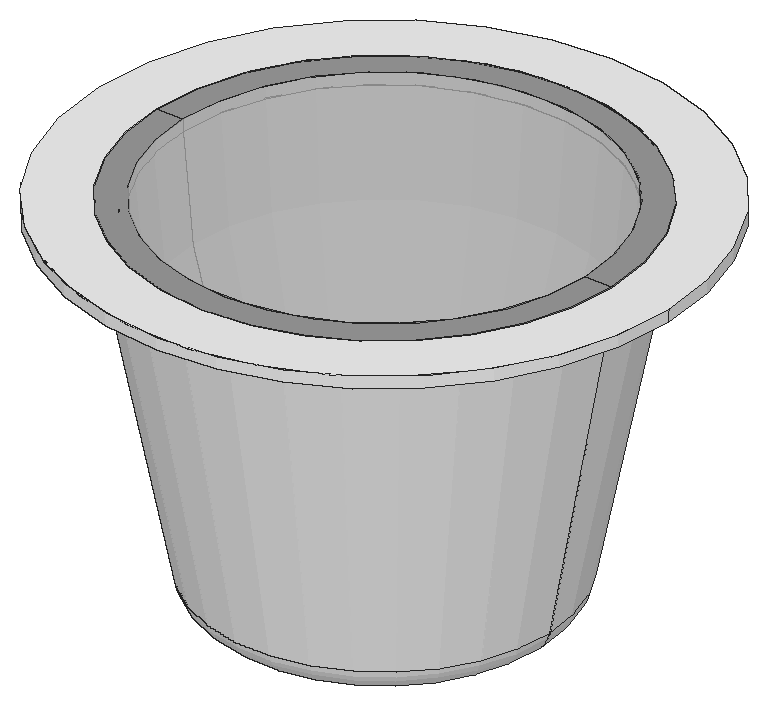
Revit family "2060532 Sylvania Lighting Fixture ASCENT100 II ARCH 1900 3K DALI 120", category Lighting Fixtures, host Face, Revit 2016
Family settings
  Host = Face
  Part Type = Normal
  Round Connector Dimension = Use Diameter
  OmniClass Number = 23.80.70.11.17
  OmniClass Title = Specialized Lighting by Location or Use
  Cut with Voids When Loaded = No
  Light Source = Yes
  Shared = No
  Room Calculation Point = No
Parameters (values of type "2060532 ASCT100 II ARCH 1900 3K DALI 120")
  Weight = "0.715 kg"
  WarrantyStartDate [instance] = "n/a"
  WarrantyGuarantorParts = "n/a"
  WarrantyDurationUnit = "n/a"
  WarrantyDurationParts = "n/a"
  WarrantyDescription = "n/a"
  Voltage = 0 V
  TypeName = "ASCENT100 II ARCH 1900 3K DALI 120"
  SerialNumber [instance] = "n/a"
  ReflectorRadius_SYL = Radius_SYL - 15.0 mm  # 60.0 mm
  PowerFactor = 0
  PowerConsumption = "18 W"
  NominalWidth = 0.0 mm
  NominalLength = 0.0 mm
  NominalHeight = 94.0 mm
  Name = "ASCENT100 II ARCH 1900 3K DALI 120"
  ModelReference = "ASCENT100 II ARCH 1900 3K DALI 120"
  ModelNumber = "2060532"
  Material_4_SYL = Aluminium_Sylvania_Ascent_Silver
  Radius_SYL = 75.0 mm
  Wattage = 18 W
  built-in parameter 1150110 = 1 (stored number, unit not read)
  URL = "http://www.sylvania-lighting.com"
  built-in parameter 1114217 = 1 (stored number, unit not read)
  Tilt Angle = -90°
  built-in parameter 1150109 = 1 (stored number, unit not read)
  built-in parameter 1150134 = (empty or 0)
  built-in parameter 1150113 = 1 (stored number, unit not read)
  Photometric Web File = "2060532.ies"
  Material = "aluminium housing, acrylic diffuser"
  ManufacturerName = "Feilo Sylvania"
  LuminousEfficacy = "105 lm/W"
  LuminaireType = ""
  LightOutputRatio = "100"
  LampsType = Lamp  # "LED"
  LampNominalLuminous = "1887 lm"
  LampMacAdamStep = "n/a"
  LampColourTemperature = "3000 K"
  LampColourRenderingIndex = "80"
  Keynote = "16500"
  InstallationDate [instance] = "n/a"
  InputVoltage = "n/a"
  InputNominalFrequency = "n/a"
  IngressProtection = "IP40"
  ImpactProtectionIndex = "IK02"
  IfcExportType = "IfcLightFixtureType"
  IfcExportAs = "IfcLightFixtureType"
  Height_SYL = 94.0 mm
  ExpectedLife = 50000
  Emit from Circle Diameter = 2 * DiffuserRadius_SYL  # 106.0 mm
  Emit Shape Visible in Rendering = no
  ElectricShockClassification = "Class II"
  DurationUnit = "hours"
  DocumentationLiterature = "http://www.sylvania-lighting.com/product/en-int/products/2060532"
  DimmingControlOptions = "n/a"
  DiffuserRadius_SYL = ReflectorRadius_SYL - 7.0 mm  # 53.0 mm
  Material_3_SYL = Polycarbonate_Sylvania_Ascent_Clear
  Diameter_SYL = 2 * Radius_SYL  # 150.0 mm
  CutoutDiameter_SYL = Diameter_SYL - 13.0 mm  # 137.0 mm
  CreatedOn = "9/17/2018"
  CreatedBy = "@sylvania-lighting.com"
  built-in parameter 1114216 [instance] = 1 (stored number, unit not read)
  Model = "ASCENT100 II ARCH 1900 3K DALI 120"
  Manufacturer = "Feilo Sylvania"
  built-in parameter 1150105 = 150.4 (stored number, unit not read)
  Lumens = 1890 lm
  built-in parameter 1150115 = 1 (stored number, unit not read)
  built-in parameter 1150137 = (empty or 0)
  built-in parameter 1150139 = (empty or 0)
  built-in parameter 1150112 = 1 (stored number, unit not read)
  built-in parameter 1150114 = 1 (stored number, unit not read)
  Lamp = "LED"
  built-in parameter 1150132 = 2
  built-in parameter 1150102 = (empty or 0)
  built-in parameter 1150107 = 3000 (stored number, unit not read)
  built-in parameter 1150138 = (empty or 0)
  built-in parameter 1150106 = 1.504 (stored number, unit not read)
  Material_1_SYL = Aluminum_Sylvania_Ascent_White
  built-in parameter 1150104 = 9.7548 (stored number, unit not read)
  Dimming Lamp Color Temperature Shift = <None>
  Description = "Direct LED retro fit for original LED 100 Arch (120) single CFL lamp offering Matching lumen levels and improved light distribution of original LED 100 CFL lamp equivalents Typically half the power consumption compared to CFL Up to 104lm/W 120mm aperture Architectural reflector accepts range of glass accessories from existing LED 100 Arch 120 offering HE, HO and VHO versions equivalent of single 1 x 13W, 1 x 18W, 1 x 26W Additional VVHO versions which offer the performance circa 2 x 26W equivalent"  # constant formula
  Default Elevation = 0.0 mm
  Color Filter = 16777215
  built-in parameter 1140040 [instance] = 1
  BarCode [instance] = "n/a"
  built-in parameter 1114218 = 1 (stored number, unit not read)
  built-in parameter 1150133 = 10 (stored number, unit not read)
  AssetType = "Fixed"
  AssetIdentifier [instance] = "n/a"
  Assembly Code = "D5020200"
  Apparent Load = 18 VA
  Aperture_SYL = 2 * ReflectorRadius_SYL  # 120.0 mm
  Material_2_SYL = Aluminum_Sylvania_Ascent_White
Reference planes
  plane 1 "Center (Front/Back)": y = 0
  plane 2: z = 0
  plane 3 "Center (Left/Right)": x = 0
  plane 4 "Fixture Bottom": z = 3
  plane 5: z = -52.5
  plane 6 "Fixture Top": z = -91
Forms (mm)
  Extrusion 1, solid, material "Aluminum_Sylvania_Ascent_White" <- "Material_2_SYL", detail levels fine
    sketch origin (0, 0, 0) x (1, 0, 0) y (0, 1, 0)
      loop
        circle (0, 0) r 75
      loop
        circle (0, 0) r 60
    from 0 to 3
  Extrusion 2, void
    sketch origin (0, 0, 0) x (1, 0, 0) y (0, 1, 0)
      loop
        circle (0, 0) r 68.5
    from -91 to 3
  Revolve 3, solid, material "Aluminum_Sylvania_Ascent_White" <- "Material_1_SYL", detail levels fine
    sketch origin (0, 0, 0) x (1, 0, 0) y (0, 0, 1)
      loop
        line (0, -91.073) -> (0, -89.023) -> (-35.468, -89.014)
        arc (-35.468, -89.014) -> (-39.352, -87.613) -> (-41.54, -84.139) r 6.307
        line (-41.54, -84.139) -> (-57.991, -2.844) -> (-57.991, 0) -> (-60, 0) -> (-60, -3) -> (-43.5, -84.536)
        arc (-43.5, -84.536) -> (-40.643, -89.203) -> (-35.5, -91.073) r 8.291
        line (-35.5, -91.073) -> (0, -91.073)
      axis (0, 0) -> (0, -91.073)
    angle from 0 to 360
  Revolve 4, solid, material "Aluminium_Sylvania_Ascent_Silver" <- "Material_4_SYL", detail levels fine
    sketch origin (0, 0, 0) x (1, 0, 0) y (0, 0, 1)
      loop
        line (-60, 3) -> (-60, 0) -> (-55, 0)
        arc (-55, 0) -> (-52.349, -26.77) -> (-44.5, -52.5) r 136.5
        line (-44.5, -52.5) -> (-38, -52.5)
        arc (-38, -52.5) -> (-36.857, -61.521) -> (-33.5, -69.971) r 36.166
        line (-33.5, -69.971) -> (0, -69.971) -> (0, -50.5) -> (-43.16, -50.5)
        arc (-43.16, -50.5) -> (-50.517, -25.725) -> (-53, 0) r 134.5
        line (-53, 0) -> (-53, 3) -> (-60, 3)
      axis (0, 3) -> (0, -69.971)
    angle from 0 to 360
  Extrusion 5, solid, material "Polycarbonate_Sylvania_Ascent_Clear" <- "Material_3_SYL", detail levels fine
    sketch origin (0, 0, 0) x (1, 0, 0) y (0, 1, 0)
      loop
        circle (0, 0) r 53
    from 0 to 3
  Revolve 6, solid, material "Aluminum_Sylvania_Ascent_White" <- "Material_2_SYL", detail levels coarse+medium
    sketch origin (0, 0, 0) x (1, 0, 0) y (0, 0, 1)
      loop
        line (0, -91.073) -> (0, 3) -> (-75, 3) -> (-75, 0) -> (-60, 0) -> (-60, -3) -> (-43.5, -84.536)
        arc (-43.5, -84.536) -> (-40.643, -89.203) -> (-35.5, -91.073) r 8.291
        line (-35.5, -91.073) -> (0, -91.073)
      axis (0, 3) -> (0, -91.073)
    angle from 0 to 360
Dimensions and locks
  locked: plane 4 "Fixture Bottom" to plane 2 at 3
  "Height_SYL": plane 4 "Fixture Bottom" to plane 6 "Fixture Top"
  "ReflectorRadius_SYL": plane 3 "Center (Left/Right)" to Revolve 4 sketch curve
  locked: Revolve 4 sketch curve to Revolve 4 sketch curve at 15.5
  locked: Revolve 4 sketch curve to Revolve 4 sketch curve at 5
  locked: Revolve 4 sketch curve to Revolve 4 sketch curve at 7
  locked: Revolve 4 sketch curve to Revolve 4 sketch curve at 22
  locked: Revolve 4 sketch curve to Revolve 4 sketch curve at 26.5
  locked: Revolve 3 sketch curve to Revolve 3 sketch curve at 16.5
  locked: Revolve 3 sketch curve to Revolve 3 sketch curve at 24.5
  "ReflectorRadius_SYL": Revolve 3 sketch curve to plane 3 "Center (Left/Right)"
  locked: Revolve 3 sketch curve to plane 6 "Fixture Top" at 6.464
  locked: plane 2 to Revolve 3 sketch curve at 3
  locked: Revolve 3 sketch curve to Revolve 3 sketch curve at 2
  locked: Revolve 3 sketch curve to Revolve 3 sketch curve at 2.009
  locked: plane 2 to plane 5 at 52.5
  locked: Revolve 6 sketch curve to Revolve 6 sketch curve at 31.5
  locked: Revolve 6 sketch curve to Revolve 6 sketch curve at 39.5
  locked: Revolve 6 sketch curve to Revolve 6 sketch curve at 15
  "Radius_SYL": plane 3 "Center (Left/Right)" to Revolve 6 sketch curve
  "CutoutDiameter_SYL": diameter of Extrusion 2 sketch curve
  "ReflectorRadius_SYL": radius of Extrusion 1 sketch curve
  "DiffuserRadius_SYL": radius of Extrusion 5 sketch curve
  "Radius_SYL": radius of Extrusion 1 sketch curve
  aligned and locked: host face to plane 2
  aligned and locked: host face to level
  aligned and locked: plane 1 "Center (Front/Back)" to imposter light
  aligned and locked: plane 3 "Center (Left/Right)" to imposter light
  aligned and locked: plane 4 "Fixture Bottom" to Extrusion 1
  aligned and locked: Extrusion 1 to plane 2
  aligned and locked: Revolve 3 sketch curve to plane 3 "Center (Left/Right)"
  aligned and locked: Revolve 4 sketch curve to plane 3 "Center (Left/Right)"  (x2)
  aligned and locked: plane 4 "Fixture Bottom" to Revolve 4 sketch curve
  aligned and locked: Revolve 3 sketch curve to imposter light
  aligned and locked: Extrusion 5 to plane 2
  aligned and locked: imposter light to Extrusion 5
  aligned and locked: plane 2 to Revolve 3 sketch curve  (x2)
  aligned and locked: Revolve 6 sketch curve to imposter light
  aligned and locked: Revolve 6 sketch curve to plane 3 "Center (Left/Right)"
  aligned and locked: plane 6 "Fixture Top" to Extrusion 2
  aligned and locked: imposter light to Extrusion 2
  aligned and locked: imposter light to plane 4 "Fixture Bottom"
Automatic sketch dimensions
  plane 1 "Center (Front/Back)" to Extrusion 2 sketch curve = 0.0 mm
  Extrusion 2 sketch curve to plane 3 "Center (Left/Right)" = 0.0 mm
  Extrusion 1 sketch curve to Extrusion 1 sketch curve = 0.0 mm  (x2)
  plane 1 "Center (Front/Back)" to Extrusion 1 sketch curve = 0.0 mm
  Extrusion 1 sketch curve to plane 3 "Center (Left/Right)" = 0.0 mm
  plane 6 "Fixture Top" to Revolve 3 sketch curve = 0.073 mm
  Revolve 3 sketch curve to plane 6 "Fixture Top" = 6.861 mm
  Revolve 3 sketch curve to Revolve 3 sketch curve = 0.003 mm
  Revolve 3 sketch curve to Revolve 3 sketch curve = 0.009 mm  (x2)
  Revolve 3 sketch curve to Revolve 3 sketch curve = 0.023 mm
  Revolve 3 sketch curve to Revolve 3 sketch curve = 0.072 mm
  Revolve 3 sketch curve to Revolve 3 sketch curve = 0.008 mm
  Revolve 3 sketch curve to plane 6 "Fixture Top" = 1.977 mm
  Revolve 3 sketch curve to Revolve 3 sketch curve = 33.496 mm
  Revolve 3 sketch curve to Revolve 3 sketch curve = 0.028 mm
  plane 4 "Fixture Bottom" to Revolve 3 sketch curve = 82.431 mm
  Revolve 4 sketch curve to Revolve 4 sketch curve = 0.0 mm  (x2)
  Revolve 4 sketch curve to plane 5 = 0.0 mm
  Revolve 4 sketch curve to level = 0.0 mm
  plane 5 to Revolve 4 sketch curve = 2.0 mm
  plane 4 "Fixture Bottom" to Revolve 4 sketch curve = 9.642 mm
  plane 1 "Center (Front/Back)" to Extrusion 5 sketch curve = 0.0 mm
  Extrusion 5 sketch curve to plane 3 "Center (Left/Right)" = 0.0 mm
  Revolve 4 sketch curve to level = 69.971 mm
  Revolve 4 sketch curve to Revolve 4 sketch curve = 2.387 mm
  Revolve 6 sketch curve to level = 0.0 mm
  Revolve 6 sketch curve to plane 3 "Center (Left/Right)" = 0.0 mm
  Revolve 6 sketch curve to Revolve 6 sketch curve = 8.104 mm
  Revolve 6 sketch curve to level = 3.0 mm
  Revolve 6 sketch curve to plane 6 "Fixture Top" = 6.464 mm
  plane 6 "Fixture Top" to Revolve 6 sketch curve = 0.073 mm
  Revolve 6 sketch curve to Revolve 6 sketch curve = 33.496 mm
  plane 4 "Fixture Bottom" to Revolve 6 sketch curve = 82.431 mm
  host sketch curve to host sketch curve = 1368.192 mm
  host sketch curve to host sketch curve = 1600.367 mm
Connectors
  electrical at (0, 0, -91.073), driven by "Apparent Load"
    settings: on Revolve 3, index 1, voltage 240 V, apparent load 0 VA, apparent load phase1 18 VA, apparent load phase2 0 VA, apparent load phase3 0 VA, power factor 1, load classification "Lighting", number of poles 1, system type 31, power factor state 1, is connector primary yes, connector utility no, sub classification motor no, connector description ""
